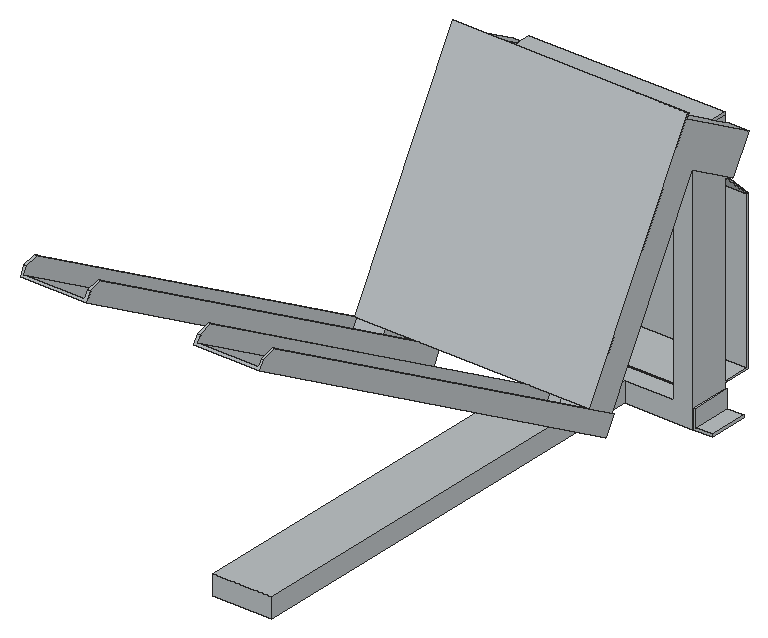
Revit family "DockEquipment_BinTilter_Pentalift_SBT", category Specialty Equipment, Revit 2026
Family settings
  Round Connector Dimension = Use Diameter
  Part Type = Normal
  Work Plane-Based = Yes
  Enable Cutting in Views = No
  Always vertical = No
  Cut with Voids When Loaded = No
  Maintain Annotation Orientation = No
  Shared = No
  Room Calculation Point = No
Parameters
  offset [instance] = 0' - 0"
  Warranty Duration (Years) = 0
  Unit Width [instance] = Platform Width  # 2' - 0"
  Unit Length = 3' - 6"
  Unit Height = 2' - 3"
  URL = "http://www.pentalift.com/index.php"
  Tilt Angle [instance] = 30.00°
  Specification = ""
  SpecWizard = ""
  Send Message = "http://www.arcat.com/users.pl?action=UserEmail&company=Pentalift Equipment Corp.&coid=34752&rep=119&fax=519-763-2894&mf="
  Sales Information = "http://www.pentalift.com/about-us.htm"
  Revision = "R1_01-2012"
  Product Properties = ""
  Product Data = "http://www.arcat.com/arcatcos/cos34/arc34752.html"
  Platform Width [instance] = 2' - 0"
  Platform Length [instance] = 4' - 0"
  Model = "As Specified"
  Material [instance] = Metal - Steel - Pentalift - Painted - Gray
  Manufacturer Website = "http://www.pentalift.com/index.php"
  Manufacturer Phone - Toll Free = ""
  Manufacturer Phone = "519-763-3625 "
  Manufacturer Fax = "519-763-2894"
  Manufacturer Address = "21 Nicholas Beaver Rd. Guelph, ON, Canada N1H 6H9 "
  Manufacturer = "Pentalift Equipment Corp."
  Maintenance Schedule (Months) = 0
  Keynote = "11160"
  Installation-Fabrication = ""
  Installation Phase = ""
  Green Building-LEED = ""
  Expected Lifespan (Years) = 0
  Drawn By = "Sumex Design, Inc. / Robert S. Weygant, CSI, CDT, SCIP"
  Description = "Pentalift Dock Equipment as Specified"
  Default Elevation = 4' - 0"
  Copyright = "©Arcat Inc."
  Construction Details = "http://www.arcat.com/details/pentalif/pentalif.html?coid=34752"
  Capacity (Weight) = 0.00 kip
  Assembly Code = "E1030300"
Reference planes (in)
  plane 1 "Center (Front/Back)": y = 0
  plane 2 "Bottom": z = 0
  plane 3 "Center (Left/Right)": x = 0
  plane 4 "Front": y = -21
  plane 5 "Back": y = 21
  plane 6: y = 9
  plane 7: y = -39
  plane 8: x = -12
  plane 9: x = 12
  plane 10: z = 27
  plane 11: y = 16.5
  plane 12: z = 25.5
Forms (in)
  Sweep 1, solid, material "Metal - Steel - Pentalift - Painted - Gray" <- "Material"
    path origin (-22, 16.5, 48) x (-1, 0, 0) y (0, 0, 1)
      loop
        line (-12, -21) -> (-12, -48) -> (-32, -48) -> (-32, -21)
    profile origin (10, 16.5, 13.5) x (1, 0, 0) y (0, 1, 0)
      loop
        line (-2, 1.5) -> (-2, -2.5) -> (0, -2.5) -> (0, 1.5) -> (-2, 1.5)
  Extrusion 2, solid, material "Metal - Steel - Pentalift - Painted - Gray" <- "Material"
    sketch origin (-12, 36.45398, 48) x (0, 1, 0) y (0, 0, 1)
      loop
        line (-15.45398, -29.44126) -> (-19.02024, -25.875) -> (-21.20398, -25.875) -> (-21.20398, -26) -> (-19.07202, -26) -> (-15.57898, -29.49304) -> (-15.57898, -45.375) -> (-21.20398, -45.375) -> (-21.20398, -45.5) -> (-15.45398, -45.5) -> (-15.45398, -29.44126)
    from 2 to 22
  Extrusion 3, solid, material "Metal - Steel - Pentalift - Painted - Gray" <- "Material"
    sketch origin (-22, 16.5, 48) x (-1, 0, 0) y (0, 0, 1)
      loop
        line (-12, -46) -> (-12, -48) -> (-10, -48) -> (-10, -47.75) -> (-11.75, -47.75) -> (-11.75, -46) -> (-12, -46)
      loop
        line (-32, -46) -> (-32.25, -46) -> (-32.25, -47.75) -> (-34, -47.75) -> (-34, -48) -> (-32, -48) -> (-32, -46)
    from 1.5 to -2.5
  Extrusion 4, solid, material "Metal - Steel - Pentalift - Painted - Gray" <- "Material"
    sketch origin (-12, 36.45398, 48) x (0, 1, 0) y (0, 0, 1)
      loop
        line (-18.45398, -21) -> (-18.45398, -20.75) -> (-22.45398, -20.75) -> (-22.45398, -21) -> (-18.45398, -21)
    from 2 to 22
  Extrusion 5, solid, material "Metal - Steel - Pentalift - Painted - Gray" <- "Material"
    sketch origin (-22, 16.5, 48) x (-1, 0, 0) y (0, 0, 1)
      loop
        line (-19, -46) -> (-25, -46) -> (-25, -48) -> (-19, -48) -> (-19, -46)
    from 0 to -47.5
Cuts and joins
  joined: Sweep 1, Extrusion 2, Extrusion 5
Lines and regions (in)
  reference lines
    curve 1: line (0, 16.5, 25.5) -> (0, 2.625, 1.4678)
    curve 2: line (0, 16.5, 25.5) -> (0, 7.62324, 30.625)
Dimensions and locks (in)
  equal spacing: plane 5 "Back", plane 1 "Center (Front/Back)", plane 4 "Front"
  "Unit Length": plane 5 "Back" to plane 4 "Front"
  locked: plane 5 "Back" to plane 6 at 12
  equal spacing: plane 8, plane 3 "Center (Left/Right)", plane 9
  "Platform Width": plane 8 to plane 9
  "Unit Height": plane 10 to level
  "Platform Length": plane 6 to plane 7
  locked: plane 5 "Back" to plane 11 at 4.5
  locked: Extrusion 2 to plane 9 at 2
  locked: plane 10 to plane 12 at 1.5
  locked: Extrusion 4 to plane 9 at 2
  locked: plane 7 to Extrusion 5 at 8
  "Tilt Angle": angle plane 11 to curve 1
  aligned and locked: plane 3 "Center (Left/Right)" to nested 1
Automatic sketch dimensions
  profile plane to Sweep 1 sketch curve = 0' - 2"
  Sweep 1 sketch curve to profile plane = 0' - 0"
  Sweep 1 sketch curve to plane 11 = 0' - 2 1/2"
  plane 11 to Sweep 1 sketch curve = 0' - 1 1/2"
  curve 1 to plane 11 = 0' - 0"
  curve 1 to plane 12 = 0' - 0"
  curve 2 to curve 1 = 0' - 10 1/4"
  curve 2 to curve 1 = 0' - 0"
  curve 2 to curve 1 = 2' - 3 3/4"
  Extrusion 2 sketch curve to plane 11 = 0' - 1 1/4"  (x2)
  Extrusion 2 sketch curve to plane 10 = 0' - 5"
  Extrusion 2 sketch curve to plane 5 "Back" = 0' - 0"
  Extrusion 2 sketch curve to plane 5 "Back" = 0' - 3.61804"
  Extrusion 2 sketch curve to plane 10 = 0' - 4 7/8"
  Extrusion 2 sketch curve to Extrusion 2 sketch curve = 0' - 0.05178"
  Extrusion 2 sketch curve to plane 5 "Back" = 0' - 0 1/8"
  Extrusion 2 sketch curve to plane 12 = 0' - 6.94126"
  Extrusion 2 sketch curve to plane 12 = 0' - 6.99304"
  level to Extrusion 2 sketch curve = 0' - 2 5/8"
  Extrusion 2 sketch curve to Extrusion 2 sketch curve = 0' - 0 1/8"
  Sweep 1 sketch curve to plane 10 = 0' - 0"  (x2)
  Sweep 1 sketch curve to level = 0' - 0"
  Sweep 1 sketch curve to plane 9 = 0' - 2"
  plane 8 to Sweep 1 sketch curve = 0' - 2"
  Extrusion 3 sketch curve to level = 0' - 0"  (x2)
  Extrusion 3 sketch curve to plane 9 = 0' - 0"
  Extrusion 3 sketch curve to plane 8 = 0' - 0"
  level to Extrusion 3 sketch curve = 0' - 0 1/4"  (x2)
  Extrusion 3 sketch curve to plane 9 = 0' - 1 3/4"
  Extrusion 3 sketch curve to Extrusion 3 sketch curve = 0' - 0 1/4"  (x2)
  plane 8 to Extrusion 3 sketch curve = 0' - 2"
  Extrusion 3 sketch curve to Extrusion 3 sketch curve = 0' - 1 3/4"  (x2)
  Extrusion 4 sketch curve to plane 10 = 0' - 0"
  Extrusion 4 sketch curve to plane 11 = 0' - 2 1/2"
  plane 10 to Extrusion 4 sketch curve = 0' - 0 1/4"
  plane 11 to Extrusion 4 sketch curve = 0' - 1 1/2"
  Extrusion 5 sketch curve to level = 0' - 0"
  plane 3 "Center (Left/Right)" to Extrusion 5 sketch curve = 0' - 3"
  Extrusion 5 sketch curve to plane 3 "Center (Left/Right)" = 0' - 3"
  Extrusion 5 sketch curve to Extrusion 5 sketch curve = 0' - 2"
Nested families (in)
  nested 1: "Bucket_BinS" at (0, -10.7798, 41.25) x (1, 0, 0) z (0, 0.5, 0.866), Unit Length <- "Platform Length", Unit Width <- "Platform Width", Unit Height <- "Unit Height", Material <- "Material", type "Bucket_BinS"
    with offset 0' - 0", Unit Width 2' - 0", Unit Length 4' - 0", Unit Height 2' - 3", Material Metal - Steel - Pentalift - Painted - Gray
Definition of nested family "Bucket_BinS"
  Parameters
    offset [instance] = 0' - 0"
    Warranty Duration (Years) = 0
    Unit Width [instance] = 2' - 8"
    Unit Length [instance] = 5' - 0"
    Unit Height [instance] = 2' - 6"
    URL = "http://www.pentalift.com/index.php"
    Specification = ""
    SpecWizard = ""
    Send Message = "http://www.arcat.com/users.pl?action=UserEmail&company=Pentalift Equipment Corp.&coid=34752&rep=119&fax=519-763-2894&mf="
    Sales Information = "http://www.pentalift.com/about-us.htm"
    Revision = "R1_01-2012"
    Product Properties = ""
    Product Data = "http://www.arcat.com/arcatcos/cos34/arc34752.html"
    Model = "As Specified"
    Material [instance] = none
    Manufacturer Website = "http://www.pentalift.com/index.php"
    Manufacturer Phone - Toll Free = ""
    Manufacturer Phone = "519-763-3625 "
    Manufacturer Fax = "519-763-2894"
    Manufacturer Address = "21 Nicholas Beaver Rd. Guelph, ON, Canada N1H 6H9 "
    Manufacturer = "Pentalift Equipment Corp."
    Maintenance Schedule (Months) = 0
    Keynote = "11160"
    Installation-Fabrication = ""
    Installation Phase = ""
    Green Building-LEED = ""
    Expected Lifespan (Years) = 0
    Drawn By = "Sumex Design, Inc. / Robert S. Weygant, CSI, CDT, SCIP"
    Description = "Pentalift Dock Equipment as Specified"
    Default Elevation = 4' - 0"
    Copyright = "©Arcat Inc."
    Construction Details = "http://www.arcat.com/details/pentalif/pentalif.html?coid=34752"
    Capacity (Weight) = 0.00 kip
    Assembly Code = "E1030300"
  Reference planes (in)
    plane 1 "Center (Front/Back)": y = 0
    plane 2 "Bottom": z = -28
    plane 3 "Center (Left/Right)": x = 0
    plane 4 "Front": y = -30
    plane 5 "Back": y = 30
    plane 6 "Left": x = -16
    plane 7 "Right": x = 16
    plane 8: z = 2
    plane 9: y = 37.5
    plane 10: z = 0
  Forms (in)
    Extrusion 1, solid, material <- "Material"
      sketch origin (-16, 0, 0) x (0, 1, 0) y (0, 0, 1)
        loop
          line (30, 2) -> (29.75, 2) -> (29.75, -26) -> (30, -26) -> (30, 2)
      from 0 to 32
    Extrusion 2, solid, material <- "Material"
      sketch origin (0, 0, -28) x (1, 0, 0) y (0, 1, 0)
        loop
          line (-16, 30) -> (-13, 30) -> (-13, 33) -> (-16, 33) -> (-16, 30)
        loop
          line (16, 30) -> (16, 33) -> (13, 33) -> (13, 30) -> (16, 30)
      from 0.25 to 29.5
    Extrusion 3, solid, material <- "Material"
      sketch origin (-11.94222, 30, 48) x (-1, 0, 0) y (0, 0, 1)
        loop
          line (4.05778, -50.5) -> (4.05778, -46.5) -> (2.05778, -46.5) -> (2.05778, -50.5) -> (4.05778, -50.5)
        loop
          line (-27.94222, -50.5) -> (-25.94222, -50.5) -> (-25.94222, -46.5) -> (-27.94222, -46.5) -> (-27.94222, -50.5)
      from 0 to 9
    Sweep 4, solid, material <- "Material"
      path origin (0, 0, -28) x (1, 0, 0) y (0, 1, 0)
        loop
          line (-14.5, 33) -> (-14.5, -30)
      profile origin (-14.5, 1.5, -28) x (1, 0, 0) y (0, 0, 1)
        loop
          line (-1.75, 0) -> (5, 0) -> (5, 2) -> (4.75, 2) -> (4.75, 0.25) -> (-1.5, 0.25) -> (-1.5, 2) -> (-1.75, 2) -> (-1.75, 0)
    Sweep 5, solid, material <- "Material"
      path origin (0, 0, -28) x (1, 0, 0) y (0, 1, 0)
        loop
          line (14.5, 33) -> (14.5, -30)
      profile origin (14.5, 1.5, -28) x (1, 0, 0) y (0, 0, 1)
        loop
          line (1.75, 0) -> (1.75, 2) -> (1.5, 2) -> (1.5, 0.25) -> (-4.75, 0.25) -> (-4.75, 2) -> (-5, 2) -> (-5, 0) -> (1.75, 0)
    Extrusion 6, void
      sketch origin (-16, 16.34522, 48) x (0, -1, 0) y (0, 0, 1)
        loop
          line (46.93101, -75.58579) -> (46.93101, -73.58579) -> (44.93101, -73.58579) -> (46.93101, -75.58579)
      from 1.14652 to -33.80469
  Cuts and joins
    joined: Extrusion 1, Extrusion 2, Extrusion 3
    Extrusion 6 cuts Sweep 4
    Extrusion 6 cuts Sweep 5
    joined: Sweep 4, Sweep 5
  Dimensions and locks (in)
    equal spacing: plane 6 "Left", plane 3 "Center (Left/Right)", plane 7 "Right"
    "Unit Width": plane 6 "Left" to plane 7 "Right"
    equal spacing: plane 5 "Back", plane 1 "Center (Front/Back)", plane 4 "Front"
    "Unit Length": plane 5 "Back" to plane 4 "Front"
    "Unit Height": plane 8 to plane 2 "Bottom"
    locked: plane 9 to plane 5 "Back" at 7.5
    plane 8 to plane 10 = 0' - 2"
    locked: plane 8 to cut or joined group of Extrusion 1, Extrusion 2, Extrusion 3 at 0.5
    locked: plane 7 "Right" to Extrusion 6 at 1.80469
    aligned and locked: plane 7 "Right" to Extrusion 1
    aligned and locked: level to plane 10
  Automatic sketch dimensions
    Extrusion 1 sketch curve to plane 8 = 0' - 0"
    Extrusion 1 sketch curve to plane 5 "Back" = 0' - 0"
    Extrusion 1 sketch curve to Extrusion 1 sketch curve = 0' - 0 1/4"
    plane 2 "Bottom" to Extrusion 1 sketch curve = 0' - 2"
    Extrusion 2 sketch curve to plane 6 "Left" = 0' - 0"
    Extrusion 2 sketch curve to plane 5 "Back" = 0' - 0"  (x2)
    Extrusion 2 sketch curve to plane 7 "Right" = 0' - 0"
    plane 6 "Left" to Extrusion 2 sketch curve = 0' - 3"
    Extrusion 2 sketch curve to Extrusion 2 sketch curve = 0' - 3"  (x3)
    Extrusion 3 sketch curve to plane 7 "Right" = 0' - 0"
    Extrusion 3 sketch curve to plane 8 = 0' - 0 1/2"  (x2)
    Extrusion 3 sketch curve to plane 6 "Left" = 0' - 0"
    Extrusion 3 sketch curve to Extrusion 3 sketch curve = 0' - 2"
    plane 6 "Left" to Extrusion 3 sketch curve = 0' - 2"
    Extrusion 3 sketch curve to level = 0' - 2 1/2"  (x2)
    Sweep 4 sketch curve to plane 2 "Bottom" = 0' - 0"
    profile plane to Sweep 4 sketch curve = 0' - 1 3/4"
    Sweep 4 sketch curve to Sweep 4 sketch curve = 0' - 0 1/4"  (x2)
    plane 2 "Bottom" to Sweep 4 sketch curve = 0' - 0 1/4"
    Sweep 4 sketch curve to profile plane = 0' - 4 3/4"
    Sweep 4 sketch curve to Sweep 4 sketch curve = 0' - 1 3/4"  (x2)
    Sweep 5 sketch curve to plane 2 "Bottom" = 0' - 0"
    profile plane to Sweep 5 sketch curve = 0' - 5"
    Sweep 5 sketch curve to Sweep 5 sketch curve = 0' - 0 1/4"  (x2)
    Sweep 5 sketch curve to profile plane = 0' - 1 1/2"
    plane 2 "Bottom" to Sweep 5 sketch curve = 0' - 0 1/4"
    Sweep 5 sketch curve to Sweep 5 sketch curve = 0' - 1 3/4"  (x2)
    Sweep 4 sketch curve to plane 4 "Front" = 0' - 0"
    plane 6 "Left" to Sweep 4 sketch curve = 0' - 1 1/2"
    plane 5 "Back" to Sweep 4 sketch curve = 0' - 3"
    Sweep 5 sketch curve to plane 4 "Front" = 0' - 0"
    Sweep 5 sketch curve to plane 7 "Right" = 0' - 1 1/2"
    plane 5 "Back" to Sweep 5 sketch curve = 0' - 3"
    Extrusion 6 sketch curve to plane 4 "Front" = 0' - 0.58579"
    plane 4 "Front" to Extrusion 6 sketch curve = 0' - 1.41421"
    plane 2 "Bottom" to Extrusion 6 sketch curve = 0' - 0.41421"
    Extrusion 6 sketch curve to Extrusion 6 sketch curve = 0' - 2"
